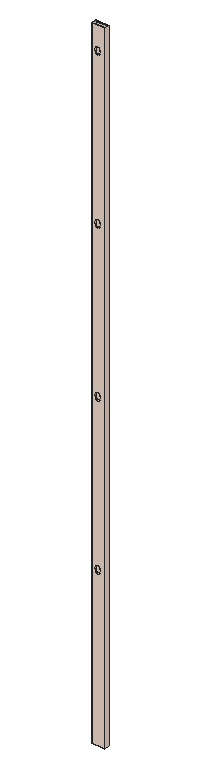
Revit family "SQ-PowerBar45100(t1.2)", category 機械設備, Revit 2020
Family settings
  丸型コネクタ寸法 = 直径を使用
  種別 = なし
  パーツ タイプ = 標準
  作業面ベース = いいえ
  常に垂直 = はい
  ロード時にボイドで切り取り = いいえ
  共有 = いいえ
  部屋計算ポイント = いいえ
Parameters
  製造元 = "株式会社桐井製作所"
  既定の高さ = 0 mm
  振れ止め本数 [instance] = roundup(([K_長さ(mm)] - 1200 mm) * 1 / 振れ止めピッチ) * 1  # 4
  振れ止めピッチ = 1200 mm  # constant formula
  URL = "https://www.kirii.co.jp/"
  K_長さ(mm) [instance] = 5000 mm
  K_断面積A(mm2) = 339.3
  K_断面係数Zy(mm3) = 5737
  K_断面係数Zx(mm3) = 8846
  K_断面2次半径iy(mm) = 19.5
  K_断面2次半径ix(mm) = 36.1
  K_断面2次モーメントIy(mm4) = 129100
  K_断面2次モーメントIx(mm4) = 442300
  K_外形寸法(mm) = "45×100×1.2"
  K_品名 = "SQ-PowerBar45100(t1.2)"
  K_名称 = "スタッド"
  K_単位質量(kg/m) = 2.715
  K_ヤング係数E(N/mm2) = 205000
  K_バージョン情報 = "20210714"
Reference planes
  plane 1 "中心(正面/背面)": y = 0
  plane 2: z = 0
  plane 3 "中心(左/右)": x = 0
  plane 4: x = 50
  plane 5: x = -50
  plane 6: y = 22.5
  plane 7: z = 5000
  plane 8: y = -22.5
  plane 9: z = 1200
Forms (mm)
  Extrusion 1, solid
    sketch origin (0.5, -20, 0) x (1, 0, 0) y (0, 1, 0)
      loop
        line (-50.5, 42.5) -> (-50.5, -2.5) -> (49.5, -2.5) -> (49.5, 42.5) -> (-50.5, 42.5)
      loop
        line (48.3, 41.3) -> (-49.3, 41.3) -> (-49.3, -1.3) -> (48.3, -1.3) -> (48.3, 41.3)
    from 0 to 5000
  Extrusion 2, void
    sketch origin (0, 0, 0) x (1, 0, 0) y (0, 0, 1)
      loop
        line (-11, 1200) -> (11, 1200) -> (11, 1202.5) -> (17, 1202.5)
        arc (17, 1202.5) -> (18.637, 1203.351) -> (18.881, 1205.18) r 2
        line (18.881, 1205.18) -> (17.907, 1207.885)
        arc (17.907, 1207.885) -> (17.8, 1208.52) -> (17.921, 1209.153) r 1.817
        line (17.921, 1209.153) -> (19, 1211.955) -> (19, 1214.5) -> (20.772, 1226.411)
        arc (20.772, 1226.411) -> (19.036, 1238.367) -> (11, 1247.389) r 21
        line (11, 1247.389) -> (11, 1253) -> (-11, 1253) -> (-11, 1247.389)
        arc (-11, 1247.389) -> (-19.034, 1238.372) -> (-20.773, 1226.422) r 21
        line (-20.773, 1226.422) -> (-19, 1214.5) -> (-19, 1211.955) -> (-17.921, 1209.153)
        arc (-17.921, 1209.153) -> (-17.8, 1208.52) -> (-17.907, 1207.885) r 1.817
        line (-17.907, 1207.885) -> (-18.881, 1205.18)
        arc (-18.881, 1205.18) -> (-18.637, 1203.351) -> (-17, 1202.5) r 2
        line (-17, 1202.5) -> (-11, 1202.5) -> (-11, 1200)
    from -22.5 to 22.5
  Extrusion 3, void
    sketch origin (0, 0, 1200) x (1, 0, 0) y (0, 0, 1)
      loop
        line (-11, 1200) -> (11, 1200) -> (11, 1202.5) -> (17, 1202.5)
        arc (17, 1202.5) -> (18.637, 1203.351) -> (18.881, 1205.18) r 2
        line (18.881, 1205.18) -> (17.907, 1207.885)
        arc (17.907, 1207.885) -> (17.8, 1208.52) -> (17.921, 1209.153) r 1.817
        line (17.921, 1209.153) -> (19, 1211.955) -> (19, 1214.5) -> (20.772, 1226.411)
        arc (20.772, 1226.411) -> (19.036, 1238.367) -> (11, 1247.389) r 21
        line (11, 1247.389) -> (11, 1253) -> (-11, 1253) -> (-11, 1247.389)
        arc (-11, 1247.389) -> (-19.034, 1238.372) -> (-20.773, 1226.422) r 21
        line (-20.773, 1226.422) -> (-19, 1214.5) -> (-19, 1211.955) -> (-17.921, 1209.153)
        arc (-17.921, 1209.153) -> (-17.8, 1208.52) -> (-17.907, 1207.885) r 1.817
        line (-17.907, 1207.885) -> (-18.881, 1205.18)
        arc (-18.881, 1205.18) -> (-18.637, 1203.351) -> (-17, 1202.5) r 2
        line (-17, 1202.5) -> (-11, 1202.5) -> (-11, 1200)
    from -22.5 to 22.5
  Extrusion 4, void
    sketch origin (0, 0, 2400) x (1, 0, 0) y (0, 0, 1)
      loop
        line (-11, 1200) -> (11, 1200) -> (11, 1202.5) -> (17, 1202.5)
        arc (17, 1202.5) -> (18.637, 1203.351) -> (18.881, 1205.18) r 2
        line (18.881, 1205.18) -> (17.907, 1207.885)
        arc (17.907, 1207.885) -> (17.8, 1208.52) -> (17.921, 1209.153) r 1.817
        line (17.921, 1209.153) -> (19, 1211.955) -> (19, 1214.5) -> (20.772, 1226.411)
        arc (20.772, 1226.411) -> (19.036, 1238.367) -> (11, 1247.389) r 21
        line (11, 1247.389) -> (11, 1253) -> (-11, 1253) -> (-11, 1247.389)
        arc (-11, 1247.389) -> (-19.034, 1238.372) -> (-20.773, 1226.422) r 21
        line (-20.773, 1226.422) -> (-19, 1214.5) -> (-19, 1211.955) -> (-17.921, 1209.153)
        arc (-17.921, 1209.153) -> (-17.8, 1208.52) -> (-17.907, 1207.885) r 1.817
        line (-17.907, 1207.885) -> (-18.881, 1205.18)
        arc (-18.881, 1205.18) -> (-18.637, 1203.351) -> (-17, 1202.5) r 2
        line (-17, 1202.5) -> (-11, 1202.5) -> (-11, 1200)
    from -22.5 to 22.5
  Extrusion 5, void
    sketch origin (0, 0, 3600) x (1, 0, 0) y (0, 0, 1)
      loop
        line (-11, 1200) -> (11, 1200) -> (11, 1202.5) -> (17, 1202.5)
        arc (17, 1202.5) -> (18.637, 1203.351) -> (18.881, 1205.18) r 2
        line (18.881, 1205.18) -> (17.907, 1207.885)
        arc (17.907, 1207.885) -> (17.8, 1208.52) -> (17.921, 1209.153) r 1.817
        line (17.921, 1209.153) -> (19, 1211.955) -> (19, 1214.5) -> (20.772, 1226.411)
        arc (20.772, 1226.411) -> (19.036, 1238.367) -> (11, 1247.389) r 21
        line (11, 1247.389) -> (11, 1253) -> (-11, 1253) -> (-11, 1247.389)
        arc (-11, 1247.389) -> (-19.034, 1238.372) -> (-20.773, 1226.422) r 21
        line (-20.773, 1226.422) -> (-19, 1214.5) -> (-19, 1211.955) -> (-17.921, 1209.153)
        arc (-17.921, 1209.153) -> (-17.8, 1208.52) -> (-17.907, 1207.885) r 1.817
        line (-17.907, 1207.885) -> (-18.881, 1205.18)
        arc (-18.881, 1205.18) -> (-18.637, 1203.351) -> (-17, 1202.5) r 2
        line (-17, 1202.5) -> (-11, 1202.5) -> (-11, 1200)
    from -22.5 to 22.5
Cuts and joins
  Extrusion 2, Extrusion 3, Extrusion 4, Extrusion 5 cuts Extrusion 1
Dimensions and locks
  "K_長さ(mm)": plane 7 to level
  "振れ止めピッチ": plane 9 to plane 2
  equal spacing: group 1, group 2, group 3, group 4  (x3)
  aligned and locked: level to plane 2
  aligned and locked: Extrusion 1 sketch curve to plane 6
  aligned and locked: plane 7 to Extrusion 1
  aligned and locked: plane 6 to Extrusion 1
  aligned and locked: Extrusion 1 to plane 8
  aligned and locked: plane 4 to Extrusion 1
  aligned and locked: Extrusion 1 to plane 5
  aligned and locked: plane 4 to cut or joined group of Extrusion 1, Extrusion 2, Extrusion 3, Extrusion 4, Extrusion 5
  aligned and locked: plane 5 to cut or joined group of Extrusion 1, Extrusion 2, Extrusion 3, Extrusion 4, Extrusion 5
  aligned and locked: plane 8 to cut or joined group of Extrusion 1, Extrusion 2, Extrusion 3, Extrusion 4, Extrusion 5
  aligned and locked: cut or joined group of Extrusion 1, Extrusion 2, Extrusion 3, Extrusion 4, Extrusion 5 to plane 9
Automatic sketch dimensions
  Extrusion 2 sketch curve to Extrusion 2 sketch curve = 0 mm  (x4)
  Extrusion 2 sketch curve to Extrusion 2 sketch curve = 1.156 mm
  Extrusion 2 sketch curve to Extrusion 2 sketch curve = 0.617 mm
  Extrusion 2 sketch curve to Extrusion 2 sketch curve = 0.736 mm
  Extrusion 2 sketch curve to Extrusion 2 sketch curve = 1.695 mm  (x2)
  Extrusion 2 sketch curve to Extrusion 2 sketch curve = 0.014 mm  (x2)
  Extrusion 2 sketch curve to Extrusion 2 sketch curve = 1.881 mm  (x2)
  Extrusion 2 sketch curve to Extrusion 2 sketch curve = 9.773 mm
  Extrusion 2 sketch curve to Extrusion 2 sketch curve = 6 mm  (x2)
  Extrusion 2 sketch curve to Extrusion 2 sketch curve = 11 mm
  Extrusion 2 sketch curve to Extrusion 2 sketch curve = 22 mm  (x2)
  Extrusion 2 sketch curve to Extrusion 2 sketch curve = 0.907 mm
  Extrusion 2 sketch curve to Extrusion 2 sketch curve = 1.079 mm
  Extrusion 2 sketch curve to Extrusion 2 sketch curve = 2.5 mm  (x2)
  Extrusion 2 sketch curve to Extrusion 2 sketch curve = 2 mm  (x2)
  Extrusion 2 sketch curve to Extrusion 2 sketch curve = 2.705 mm  (x2)
  Extrusion 2 sketch curve to Extrusion 2 sketch curve = 0.615 mm  (x2)
  Extrusion 2 sketch curve to Extrusion 2 sketch curve = 2.803 mm  (x2)
  Extrusion 2 sketch curve to Extrusion 2 sketch curve = 2.545 mm  (x2)
  Extrusion 2 sketch curve to Extrusion 2 sketch curve = 11.922 mm
  Extrusion 2 sketch curve to Extrusion 2 sketch curve = 3.078 mm
  Extrusion 2 sketch curve to Extrusion 2 sketch curve = 17.889 mm
  Extrusion 2 sketch curve to Extrusion 2 sketch curve = 5.611 mm
  Extrusion 2 sketch curve to Extrusion 2 sketch curve = 1.772 mm
  Extrusion 3 sketch curve to Extrusion 3 sketch curve = 0 mm  (x4)
  Extrusion 3 sketch curve to Extrusion 3 sketch curve = 1.156 mm
  Extrusion 3 sketch curve to Extrusion 3 sketch curve = 0.617 mm
  Extrusion 3 sketch curve to Extrusion 3 sketch curve = 0.736 mm
  Extrusion 3 sketch curve to Extrusion 3 sketch curve = 1.695 mm  (x2)
  Extrusion 3 sketch curve to Extrusion 3 sketch curve = 0.014 mm  (x2)
  Extrusion 3 sketch curve to Extrusion 3 sketch curve = 1.881 mm  (x2)
  Extrusion 3 sketch curve to Extrusion 3 sketch curve = 9.773 mm
  Extrusion 3 sketch curve to Extrusion 3 sketch curve = 6 mm  (x2)
  Extrusion 3 sketch curve to Extrusion 3 sketch curve = 11 mm
  Extrusion 3 sketch curve to Extrusion 3 sketch curve = 22 mm  (x2)
  Extrusion 3 sketch curve to Extrusion 3 sketch curve = 0.907 mm
  Extrusion 3 sketch curve to Extrusion 3 sketch curve = 1.079 mm
  Extrusion 3 sketch curve to Extrusion 3 sketch curve = 2.5 mm  (x2)
  Extrusion 3 sketch curve to Extrusion 3 sketch curve = 2 mm  (x2)
  Extrusion 3 sketch curve to Extrusion 3 sketch curve = 2.705 mm  (x2)
  Extrusion 3 sketch curve to Extrusion 3 sketch curve = 0.615 mm  (x2)
  Extrusion 3 sketch curve to Extrusion 3 sketch curve = 2.803 mm  (x2)
  Extrusion 3 sketch curve to Extrusion 3 sketch curve = 2.545 mm  (x2)
  Extrusion 3 sketch curve to Extrusion 3 sketch curve = 11.922 mm
  Extrusion 3 sketch curve to Extrusion 3 sketch curve = 3.078 mm
  Extrusion 3 sketch curve to Extrusion 3 sketch curve = 17.889 mm
  Extrusion 3 sketch curve to Extrusion 3 sketch curve = 5.611 mm
  Extrusion 3 sketch curve to Extrusion 3 sketch curve = 1.772 mm
  Extrusion 4 sketch curve to Extrusion 4 sketch curve = 0 mm  (x4)
  Extrusion 4 sketch curve to Extrusion 4 sketch curve = 1.156 mm
  Extrusion 4 sketch curve to Extrusion 4 sketch curve = 0.617 mm
  Extrusion 4 sketch curve to Extrusion 4 sketch curve = 0.736 mm
  Extrusion 4 sketch curve to Extrusion 4 sketch curve = 1.695 mm  (x2)
  Extrusion 4 sketch curve to Extrusion 4 sketch curve = 0.014 mm  (x2)
  Extrusion 4 sketch curve to Extrusion 4 sketch curve = 1.881 mm  (x2)
  Extrusion 4 sketch curve to Extrusion 4 sketch curve = 9.773 mm
  Extrusion 4 sketch curve to Extrusion 4 sketch curve = 6 mm  (x2)
  Extrusion 4 sketch curve to Extrusion 4 sketch curve = 11 mm
  Extrusion 4 sketch curve to Extrusion 4 sketch curve = 22 mm  (x2)
  Extrusion 4 sketch curve to Extrusion 4 sketch curve = 0.907 mm
  Extrusion 4 sketch curve to Extrusion 4 sketch curve = 1.079 mm
  Extrusion 4 sketch curve to Extrusion 4 sketch curve = 2.5 mm  (x2)
  Extrusion 4 sketch curve to Extrusion 4 sketch curve = 2 mm  (x2)
  Extrusion 4 sketch curve to Extrusion 4 sketch curve = 2.705 mm  (x2)
  Extrusion 4 sketch curve to Extrusion 4 sketch curve = 0.615 mm  (x2)
  Extrusion 4 sketch curve to Extrusion 4 sketch curve = 2.803 mm  (x2)
  Extrusion 4 sketch curve to Extrusion 4 sketch curve = 2.545 mm  (x2)
  Extrusion 4 sketch curve to Extrusion 4 sketch curve = 11.922 mm
  Extrusion 4 sketch curve to Extrusion 4 sketch curve = 3.078 mm
  Extrusion 4 sketch curve to Extrusion 4 sketch curve = 17.889 mm
  Extrusion 4 sketch curve to Extrusion 4 sketch curve = 5.611 mm
  Extrusion 4 sketch curve to Extrusion 4 sketch curve = 1.772 mm
  Extrusion 5 sketch curve to Extrusion 5 sketch curve = 0 mm  (x4)
  Extrusion 5 sketch curve to Extrusion 5 sketch curve = 1.156 mm
  Extrusion 5 sketch curve to Extrusion 5 sketch curve = 0.617 mm
  Extrusion 5 sketch curve to Extrusion 5 sketch curve = 0.736 mm
  Extrusion 5 sketch curve to Extrusion 5 sketch curve = 1.695 mm  (x2)
  Extrusion 5 sketch curve to Extrusion 5 sketch curve = 0.014 mm  (x2)
  Extrusion 5 sketch curve to Extrusion 5 sketch curve = 1.881 mm  (x2)
  Extrusion 5 sketch curve to Extrusion 5 sketch curve = 9.773 mm
  Extrusion 5 sketch curve to Extrusion 5 sketch curve = 6 mm  (x2)
  Extrusion 5 sketch curve to Extrusion 5 sketch curve = 11 mm
  Extrusion 5 sketch curve to Extrusion 5 sketch curve = 22 mm  (x2)
  Extrusion 5 sketch curve to Extrusion 5 sketch curve = 0.907 mm
  Extrusion 5 sketch curve to Extrusion 5 sketch curve = 1.079 mm
  Extrusion 5 sketch curve to Extrusion 5 sketch curve = 2.5 mm  (x2)
  Extrusion 5 sketch curve to Extrusion 5 sketch curve = 2 mm  (x2)
  Extrusion 5 sketch curve to Extrusion 5 sketch curve = 2.705 mm  (x2)
  Extrusion 5 sketch curve to Extrusion 5 sketch curve = 0.615 mm  (x2)
  Extrusion 5 sketch curve to Extrusion 5 sketch curve = 2.803 mm  (x2)
  Extrusion 5 sketch curve to Extrusion 5 sketch curve = 2.545 mm  (x2)
  Extrusion 5 sketch curve to Extrusion 5 sketch curve = 11.922 mm
  Extrusion 5 sketch curve to Extrusion 5 sketch curve = 3.078 mm
  Extrusion 5 sketch curve to Extrusion 5 sketch curve = 17.889 mm
  Extrusion 5 sketch curve to Extrusion 5 sketch curve = 5.611 mm
  Extrusion 5 sketch curve to Extrusion 5 sketch curve = 1.772 mm
  Extrusion 1 sketch curve to plane 5 = 0 mm
  plane 8 to Extrusion 1 sketch curve = 1.2 mm
  Extrusion 1 sketch curve to plane 4 = 0 mm
  Extrusion 1 sketch curve to Extrusion 1 sketch curve = 1.2 mm
  Extrusion 1 sketch curve to plane 6 = 1.2 mm
  Extrusion 1 sketch curve to plane 8 = 0 mm
  Extrusion 1 sketch curve to plane 4 = 1.2 mm
